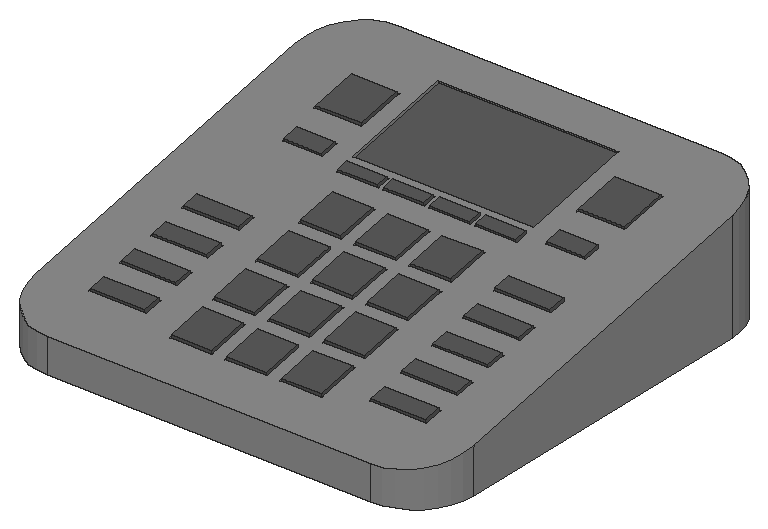
Revit family "Electronics_Controls_Biamp_Tesira_Hardware-Dialer_HD-1__", category Communication Devices, host Face, Revit 2020
Family settings
  Host = Face
  Maintain Annotation Orientation = No
  Round Connector Dimension = Use Diameter
  Part Type = Normal
  OmniClass Number = 23.85.10.11.14
  OmniClass Title = Audio Equipment
  Cut with Voids When Loaded = No
  Shared = No
  Room Calculation Point = No
Parameters (values of type "HD-1")
  Width = 0' - 5 179/256"  # constant formula
  Weight = 0.90 lbf  # constant formula
  Voltage = 0 V
  URL = "https://www.biamp.com/"
  Temperature Range = "32 - 104° F (0 - 40° C)"  # constant formula
  Product data url = "https://www.bimobject.com/biamp/product/tesira-hd-1_control"
  Product Page URL = "https://www.biamp.com/products/tesira-controls#tesira-hd-1"
  Product Documentation Link = "https://downloads.biamp.com/assets/docs/default-source/data-sheets/biamp_data_sheet_tesira_hd-1_aug22.pdf"
  Power Factor = 1
  Number of Poles = 1
  Network Connection = "RJ-45 with Ethernet cable (CAT5, CAT5e, CAT6, or CAT7)"  # constant formula
  Model = "Tesira HD-1"  # constant formula
  Max Power Consumption = 0 W
  Manufacturer = "Biamp"  # constant formula
  Humidity = "0-95% relative humidity (non-condensing)"  # constant formula
  Housing Material = Biamp - Plastic - Dark Gray
  Height = 0' - 1 73/128"  # constant formula
  Display Diagonal Size = "2.7 inch"  # constant formula
  Description = "Tesira® HD-1 Hardware Dialer"  # constant formula
  Depth = 0' - 5 179/256"  # constant formula
  Default Elevation = 4' - 0"
  Data/Control Cable Length = "Up to 330ft (100m)"  # constant formula
  Control Programming = "Tesira Design Software"  # constant formula
  Connector Description = "PoE (IEEE 802.3at Class 1, 4W)"  # constant formula
  Compliance = "FCC Part 15B (USA), CE Marked* (Europe), UL and C-UL (USA and Canada), RCM (Australia), EAC (Eurasian Customs Union), RoHS Directive (Europe), KCC (Korea)"  # constant formula
  Compatibility = "Tesira SERVER and SERVER-IO, with STC-2 or SVC-2 cards installed, TesiraFORTÉ VT (all models), TesiraFORTÉ VT4 (all models), TesiraFORTÉ X (all models)"  # constant formula
  Buttons = "12-key standard dial pad, 4 context (soft) buttons, 13 dedicated buttons"  # constant formula
  Assembly Code = ""
  Apparent Load = Max Power Consumption / Power Factor  # 0 VA
  Altitude = "0-10,000 ft (0-3000m) MSL"  # constant formula
Reference planes (in)
  plane 1 "Center (Front/Back)": y = 0
  plane 2: z = 0
  plane 3 "Center (Left/Right)": x = 0
  plane 4: x = 2.84961
  plane 5: x = -2.84961
  plane 6: y = 2.84961
  plane 7: y = -2.84961
  plane 8: z = 1.57031
Forms (in)
  Extrusion 1, solid, material "Biamp - Plastic - Dark Gray" <- "Housing Material", detail levels coarse
    sketch origin (0, 0, 0) x (1, 0, 0) y (0, 1, 0)
      loop
        arc (-2.09961, 2.84961) -> (-2.62994, 2.62994) -> (-2.84961, 2.09961) r 0.75
        line (-2.84961, 2.09961) -> (-2.84961, -2.09961)
        arc (-2.84961, -2.09961) -> (-2.62994, -2.62994) -> (-2.09961, -2.84961) r 0.75
        line (-2.09961, -2.84961) -> (2.09961, -2.84961)
        arc (2.09961, -2.84961) -> (2.62994, -2.62994) -> (2.84961, -2.09961) r 0.75
        line (2.84961, -2.09961) -> (2.84961, 2.09961)
        arc (2.84961, 2.09961) -> (2.62994, 2.62994) -> (2.09961, 2.84961) r 0.75
        line (2.09961, 2.84961) -> (-2.09961, 2.84961)
    from 0 to 1.57031
  Extrusion 2, solid, material "Biamp - Plastic - Dark Gray" <- "Housing Material", detail levels medium+fine
    sketch origin (0, 0, 0) x (1, 0, 0) y (0, 1, 0)
      loop
        arc (-2.09961, 2.84961) -> (-2.62994, 2.62994) -> (-2.84961, 2.09961) r 0.75
        line (-2.84961, 2.09961) -> (-2.84961, -2.09961)
        arc (-2.84961, -2.09961) -> (-2.62994, -2.62994) -> (-2.09961, -2.84961) r 0.75
        line (-2.09961, -2.84961) -> (2.09961, -2.84961)
        arc (2.09961, -2.84961) -> (2.62994, -2.62994) -> (2.84961, -2.09961) r 0.75
        line (2.84961, -2.09961) -> (2.84961, 2.09961)
        arc (2.84961, 2.09961) -> (2.62994, 2.62994) -> (2.09961, 2.84961) r 0.75
        line (2.09961, 2.84961) -> (-2.09961, 2.84961)
    from 0 to 1.57031
  Extrusion 3, void
    sketch origin (1.86, 1.67367, 1.33755) x (0, 0.980967, 0.194173) y (1, 0, 0)
      loop
        line (-1.30577, -2.3) -> (-1.85577, -2.3) -> (-1.85577, -2.85) -> (-1.30577, -2.85) -> (-1.30577, -2.3)
      loop
        line (-1.30577, -1.585) -> (-1.85577, -1.585) -> (-1.85577, -2.135) -> (-1.30577, -2.135) -> (-1.30577, -1.585)
      loop
        line (-1.30577, -0.87) -> (-1.85577, -0.87) -> (-1.85577, -1.42) -> (-1.30577, -1.42) -> (-1.30577, -0.87)
      loop
        line (-2.02077, -2.3) -> (-2.57077, -2.3) -> (-2.57077, -2.85) -> (-2.02077, -2.85) -> (-2.02077, -2.3)
      loop
        line (-2.02077, -1.585) -> (-2.57077, -1.585) -> (-2.57077, -2.135) -> (-2.02077, -2.135) -> (-2.02077, -1.585)
      loop
        line (-2.02077, -0.87) -> (-2.57077, -0.87) -> (-2.57077, -1.42) -> (-2.02077, -1.42) -> (-2.02077, -0.87)
      loop
        line (-2.73577, -2.3) -> (-3.28577, -2.3) -> (-3.28577, -2.85) -> (-2.73577, -2.85) -> (-2.73577, -2.3)
      loop
        line (-2.73577, -1.585) -> (-3.28577, -1.585) -> (-3.28577, -2.135) -> (-2.73577, -2.135) -> (-2.73577, -1.585)
      loop
        line (-2.73577, -0.87) -> (-3.28577, -0.87) -> (-3.28577, -1.42) -> (-2.73577, -1.42) -> (-2.73577, -0.87)
      loop
        line (-3.45077, -2.3) -> (-4.00077, -2.3) -> (-4.00077, -2.85) -> (-3.45077, -2.85) -> (-3.45077, -2.3)
      loop
        line (-3.45077, -1.585) -> (-4.00077, -1.585) -> (-4.00077, -2.135) -> (-3.45077, -2.135) -> (-3.45077, -1.585)
      loop
        line (-3.45077, -0.87) -> (-4.00077, -0.87) -> (-4.00077, -1.42) -> (-3.45077, -1.42) -> (-3.45077, -0.87)
      loop
        line (-2.25577, -4.06093) -> (-2.02077, -4.06093) -> (-2.02077, -3.31093) -> (-2.25577, -3.31093) -> (-2.25577, -4.06093)
      loop
        line (-2.77077, -4.06093) -> (-2.53577, -4.06093) -> (-2.53577, -3.31093) -> (-2.77077, -3.31093) -> (-2.77077, -4.06093)
      loop
        line (-3.28577, -4.06093) -> (-3.05077, -4.06093) -> (-3.05077, -3.31093) -> (-3.28577, -3.31093) -> (-3.28577, -4.06093)
      loop
        line (-3.80077, -4.06093) -> (-3.56577, -4.06093) -> (-3.56577, -3.31093) -> (-3.80077, -3.31093) -> (-3.80077, -4.06093)
      loop
        line (-2.25577, -0.40907) -> (-2.02077, -0.40907) -> (-2.02077, 0.34093) -> (-2.25577, 0.34093) -> (-2.25577, -0.40907)
      loop
        line (-2.77077, -0.40907) -> (-2.53577, -0.40907) -> (-2.53577, 0.34093) -> (-2.77077, 0.34093) -> (-2.77077, -0.40907)
      loop
        line (-3.28577, -0.40907) -> (-3.05077, -0.40907) -> (-3.05077, 0.34093) -> (-3.28577, 0.34093) -> (-3.28577, -0.40907)
      loop
        line (-3.80077, -0.40907) -> (-3.56577, -0.40907) -> (-3.56577, 0.34093) -> (-3.80077, 0.34093) -> (-3.80077, -0.40907)
      loop
        line (-1.74077, -0.40907) -> (-1.50577, -0.40907) -> (-1.50577, 0.34093) -> (-1.74077, 0.34093) -> (-1.74077, -0.40907)
      loop
        line (-0.87577, -0.40907) -> (-0.64577, -0.40907) -> (-0.64577, 0.11093) -> (-0.87577, 0.11093) -> (-0.87577, -0.40907)
      loop
        line (-0.87577, -3.83093) -> (-0.64577, -3.83093) -> (-0.64577, -3.31093) -> (-0.87577, -3.31093) -> (-0.87577, -3.83093)
      loop
        line (-0.83577, -3.0375) -> (-0.83577, -2.4875) -> (-1.00077, -2.4875) -> (-1.00077, -3.0375) -> (-0.83577, -3.0375)
      loop
        line (-0.83577, -2.4375) -> (-0.83577, -1.8875) -> (-1.00077, -1.8875) -> (-1.00077, -2.4375) -> (-0.83577, -2.4375)
      loop
        line (-0.83577, -1.8325) -> (-0.83577, -1.2825) -> (-1.00077, -1.2825) -> (-1.00077, -1.8325) -> (-0.83577, -1.8325)
      loop
        line (-0.83577, -1.2325) -> (-0.83577, -0.6825) -> (-1.00077, -0.6825) -> (-1.00077, -1.2325) -> (-0.83577, -1.2325)
      loop
        line (0.32923, -3.88343) -> (0.32923, -3.25843) -> (-0.29577, -3.25843) -> (-0.29577, -3.88343) -> (0.32923, -3.88343)
      loop
        line (0.32923, -0.46157) -> (0.32923, 0.16343) -> (-0.29577, 0.16343) -> (-0.29577, -0.46157) -> (0.32923, -0.46157)
      loop
        line (0.68924, -3.0375) -> (0.68924, -0.6825) -> (-0.73577, -0.6825) -> (-0.73577, -3.0375) -> (0.68924, -3.0375)
    from 0 to 0.03735
  Extrusion 4, solid, material "Biamp - Plastic - Black", detail levels medium+fine
    sketch origin (-1.59758, -3.14802, 0.38314) x (0, 0.980967, 0.194173) y (-1, 0, 0)
      loop
        line (3.59756, -0.62133) -> (3.07506, -0.62133) -> (3.07506, -1.14383) -> (3.59756, -1.14383) -> (3.59756, -0.62133)
      loop
        line (3.59756, -1.33633) -> (3.07506, -1.33633) -> (3.07506, -1.85883) -> (3.59756, -1.85883) -> (3.59756, -1.33633)
      loop
        line (3.59756, -2.05133) -> (3.07506, -2.05133) -> (3.07506, -2.57383) -> (3.59756, -2.57383) -> (3.59756, -2.05133)
      loop
        line (2.88256, -0.62133) -> (2.36006, -0.62133) -> (2.36006, -1.14383) -> (2.88256, -1.14383) -> (2.88256, -0.62133)
      loop
        line (2.88256, -1.33633) -> (2.36006, -1.33633) -> (2.36006, -1.85883) -> (2.88256, -1.85883) -> (2.88256, -1.33633)
      loop
        line (2.88256, -2.05133) -> (2.36006, -2.05133) -> (2.36006, -2.57383) -> (2.88256, -2.57383) -> (2.88256, -2.05133)
      loop
        line (2.16756, -0.62133) -> (1.64506, -0.62133) -> (1.64506, -1.14383) -> (2.16756, -1.14383) -> (2.16756, -0.62133)
      loop
        line (2.16756, -1.33633) -> (1.64506, -1.33633) -> (1.64506, -1.85883) -> (2.16756, -1.85883) -> (2.16756, -1.33633)
      loop
        line (2.16756, -2.05133) -> (1.64506, -2.05133) -> (1.64506, -2.57383) -> (2.16756, -2.57383) -> (2.16756, -2.05133)
      loop
        line (1.45256, -0.62133) -> (0.93006, -0.62133) -> (0.93006, -1.14383) -> (1.45256, -1.14383) -> (1.45256, -0.62133)
      loop
        line (1.45256, -1.33633) -> (0.93006, -1.33633) -> (0.93006, -1.85883) -> (1.45256, -1.85883) -> (1.45256, -1.33633)
      loop
        line (1.45256, -2.05133) -> (0.93006, -2.05133) -> (0.93006, -2.57383) -> (1.45256, -2.57383) -> (1.45256, -2.05133)
      loop
        line (2.37544, 0.5846) -> (2.15219, 0.5846) -> (2.15219, -0.1279) -> (2.37544, -0.1279) -> (2.37544, 0.5846)
      loop
        line (1.86044, 0.5846) -> (1.63719, 0.5846) -> (1.63719, -0.1279) -> (1.86044, -0.1279) -> (1.86044, 0.5846)
      loop
        line (1.34544, 0.5846) -> (1.12219, 0.5846) -> (1.12219, -0.1279) -> (1.34544, -0.1279) -> (1.34544, 0.5846)
      loop
        line (2.89044, 0.5846) -> (2.66719, 0.5846) -> (2.66719, -0.1279) -> (2.89044, -0.1279) -> (2.89044, 0.5846)
      loop
        line (2.37544, -3.06726) -> (2.15219, -3.06726) -> (2.15219, -3.77976) -> (2.37544, -3.77976) -> (2.37544, -3.06726)
      loop
        line (1.86044, -3.06726) -> (1.63719, -3.06726) -> (1.63719, -3.77976) -> (1.86044, -3.77976) -> (1.86044, -3.06726)
      loop
        line (1.34544, -3.06726) -> (1.12219, -3.06726) -> (1.12219, -3.77976) -> (1.34544, -3.77976) -> (1.34544, -3.06726)
      loop
        line (2.89044, -3.06726) -> (2.66719, -3.06726) -> (2.66719, -3.77976) -> (2.89044, -3.77976) -> (2.89044, -3.06726)
      loop
        line (3.40544, -3.06726) -> (3.18219, -3.06726) -> (3.18219, -3.77976) -> (3.40544, -3.77976) -> (3.40544, -3.06726)
      loop
        line (4.26556, -3.06151) -> (4.04706, -3.06151) -> (4.04706, -3.55551) -> (4.26556, -3.55551) -> (4.26556, -3.06151)
      loop
        line (4.26556, 0.36035) -> (4.04706, 0.36035) -> (4.04706, -0.13365) -> (4.26556, -0.13365) -> (4.26556, 0.36035)
      loop
        line (3.92044, -0.43383) -> (3.92044, -0.95633) -> (4.07719, -0.95633) -> (4.07719, -0.43383) -> (3.92044, -0.43383)
      loop
        line (3.92044, -1.03383) -> (3.92044, -1.55633) -> (4.07719, -1.55633) -> (4.07719, -1.03383) -> (3.92044, -1.03383)
      loop
        line (3.92044, -1.63883) -> (3.92044, -2.16133) -> (4.07719, -2.16133) -> (4.07719, -1.63883) -> (3.92044, -1.63883)
      loop
        line (3.92044, -2.23883) -> (3.92044, -2.76133) -> (4.07719, -2.76133) -> (4.07719, -2.23883) -> (3.92044, -2.23883)
      loop
        line (5.23205, 0.41112) -> (4.6383, 0.41112) -> (4.6383, -0.18263) -> (5.23205, -0.18263) -> (5.23205, 0.41112)
      loop
        line (5.23205, -3.01253) -> (4.6383, -3.01253) -> (4.6383, -3.60628) -> (5.23205, -3.60628) -> (5.23205, -3.01253)
    from -0.03735 to 0.02926
  Extrusion 5, void
    sketch origin (0, 0, 0) x (1, 0, 0) y (0, 1, 0)
      loop
        line (0.20789, 2.17461) -> (0.20789, 2.84961) -> (-0.21711, 2.84961) -> (-0.21711, 2.17461)
        arc (-0.21711, 2.17461) -> (-0.2464, 2.1039) -> (-0.31711, 2.07461) r 0.1
        line (-0.31711, 2.07461) -> (-2.02961, 2.07461)
        arc (-2.02961, 2.07461) -> (-2.06496, 2.05996) -> (-2.07961, 2.02461) r 0.05
        line (-2.07961, 2.02461) -> (-2.07961, -2.02539)
        arc (-2.07961, -2.02539) -> (-2.06496, -2.06075) -> (-2.02961, -2.07539) r 0.05
        line (-2.02961, -2.07539) -> (2.02039, -2.07539)
        arc (2.02039, -2.07539) -> (2.05575, -2.06075) -> (2.07039, -2.02539) r 0.05
        line (2.07039, -2.02539) -> (2.07039, 2.02461)
        arc (2.07039, 2.02461) -> (2.05575, 2.05996) -> (2.02039, 2.07461) r 0.05
        line (2.02039, 2.07461) -> (0.30789, 2.07461)
        arc (0.30789, 2.07461) -> (0.23718, 2.1039) -> (0.20789, 2.17461) r 0.1
    from 0 to 0.04243
  Extrusion 6, void
    sketch origin (0, 0, 0) x (1, 0, 0) y (0, 1, 0)
      loop
        line (0.62039, 0.12461) -> (0.62039, 2.07461) -> (-0.62961, 2.07461) -> (-0.62961, 0.12461)
        arc (-0.62961, 0.12461) -> (-0.61496, 0.08925) -> (-0.57961, 0.07461) r 0.05
        line (-0.57961, 0.07461) -> (-0.31711, 0.07461) -> (-0.31711, 0.12461) -> (0.30789, 0.12461) -> (0.30789, 0.07461) -> (0.57039, 0.07461)
        arc (0.57039, 0.07461) -> (0.60575, 0.08925) -> (0.62039, 0.12461) r 0.05
    from 0 to 0.1242
  Extrusion 7, solid, material "Biamp - Plastic - Dark Gray" <- "Housing Material", detail levels medium+fine
    sketch origin (0, 0, 0) x (1, 0, 0) y (0, 1, 0)
      loop
        line (1.05789, -0.67539) -> (1.05789, 2.07461) -> (0.62039, 2.07461) -> (0.62039, 0.12461)
        arc (0.62039, 0.12461) -> (0.60575, 0.08925) -> (0.57039, 0.07461) r 0.05
        line (0.57039, 0.07461) -> (-0.57961, 0.07461)
        arc (-0.57961, 0.07461) -> (-0.61496, 0.08925) -> (-0.62961, 0.12461) r 0.05
        line (-0.62961, 0.12461) -> (-0.62961, 2.07461) -> (-1.06711, 2.07461) -> (-1.06711, -0.67539)
        arc (-1.06711, -0.67539) -> (-1.05246, -0.71075) -> (-1.01711, -0.72539) r 0.05
        line (-1.01711, -0.72539) -> (1.00789, -0.72539)
        arc (1.00789, -0.72539) -> (1.04325, -0.71075) -> (1.05789, -0.67539) r 0.05
    from 0 to 0.04243
  Extrusion 8, void
    sketch origin (0, 0, 0) x (0, 1, 0) y (0, 0, 1)
      loop
        line (2.84961, 1.57031) -> (-2.84961, 1.57031) -> (-2.84961, 0.44221) -> (2.84961, 1.57031)
    from -2.84961 to 2.84961
  Extrusion 9, solid, material "Biamp - Glass - Black", detail levels medium+fine
    sketch origin (1.86, 1.68093, 1.30091) x (0, -0.980967, -0.194173) y (1, 0, 0)
      loop
        line (-0.68924, -3.0375) -> (0.73577, -3.0375) -> (0.73577, -0.6825) -> (-0.68924, -0.6825) -> (-0.68924, -3.0375)
    from 0 to 0.01753
Cuts and joins
  Extrusion 3, Extrusion 5, Extrusion 6, Extrusion 8 cuts Extrusion 2
  Extrusion 8 cuts Extrusion 1
Lines and regions (in)
  Masking region 1
    outline origin (0, 0, 0) x (1, 0, 0) y (0, 1, 0)
      loop
        line (2.09961, 2.84961) -> (-2.09961, 2.84961)
        arc (-2.09961, 2.84961) -> (-2.62994, 2.62994) -> (-2.84961, 2.09961) r 0.75
        line (-2.84961, 2.09961) -> (-2.84961, -2.09961)
        arc (-2.84961, -2.09961) -> (-2.62994, -2.62994) -> (-2.09961, -2.84961) r 0.75
        line (-2.09961, -2.84961) -> (2.09961, -2.84961)
        arc (2.09961, -2.84961) -> (2.62994, -2.62994) -> (2.84961, -2.09961) r 0.75
        line (2.84961, -2.09961) -> (2.84961, 2.09961)
        arc (2.84961, 2.09961) -> (2.62994, 2.62994) -> (2.09961, 2.84961) r 0.75
  symbolic lines, style "CommunicationDevices"
    curve 1: line (2.84961, -2.09961, 0) -> (2.84961, 2.09961, 0)
    curve 2: line (-2.84961, 2.09961, 0) -> (-2.84961, -2.09961, 0)
    curve 129: line (-2.84961, -2.09961, 0) -> (-2.84961, 2.09961, 0)
  symbolic lines, style "CommunicationDevices", detail levels medium+fine
    curve 3: line (-1.1775, 2.35705, 0) -> (1.1775, 2.35705, 0)
    curve 4: line (1.1775, 0.95576, 0) -> (1.1775, 2.35705, 0)
    curve 5: line (-1.1775, 2.35705, 0) -> (-1.1775, 0.95576, 0)
    curve 6: line (-1.1775, 0.95576, 0) -> (1.1775, 0.95576, 0)
    curve 7: line (-2.0087, 1.9917, 0) -> (-1.41495, 1.9917, 0)
    curve 8: line (-1.41495, 1.39632, 0) -> (-1.41495, 1.9917, 0)
    curve 9: line (-2.0087, 1.9917, 0) -> (-2.0087, 1.39632, 0)
    curve 10: line (-2.0087, 1.39632, 0) -> (-1.41495, 1.39632, 0)
    curve 11: line (1.41495, 1.9917, 0) -> (1.41495, 1.39632, 0)
    curve 12: line (2.0087, 1.39632, 0) -> (2.0087, 1.9917, 0)
    curve 13: line (2.0087, 1.97877, 0) -> (1.41495, 1.97877, 0)
    curve 14: line (1.41495, 1.39632, 0) -> (2.0087, 1.39632, 0)
    curve 15: line (1.41495, 1.9917, 0) -> (2.0087, 1.9917, 0)
    curve 16: line (-1.41495, 1.97877, 0) -> (-2.0087, 1.97877, 0)
    curve 17: line (-1.46393, 1.03067, 0) -> (-1.95793, 1.03067, 0)
    curve 18: line (-1.95793, 1.03067, 0) -> (-1.95793, 0.81633, 0)
    curve 19: line (-1.95793, 0.81633, 0) -> (-1.46393, 0.81633, 0)
    curve 20: line (-1.46393, 0.81633, 0) -> (-1.46393, 1.03067, 0)
    curve 21: line (-0.64125, 0.84588, 0) -> (-1.16375, 0.84588, 0)
    curve 22: line (-1.16375, 0.84588, 0) -> (-1.16375, 0.69212, 0)
    curve 23: line (-0.64125, 0.69212, 0) -> (-0.64125, 0.84588, 0)
    curve 24: line (-1.16375, 0.69212, 0) -> (-0.64125, 0.69212, 0)
    curve 25: line (-0.56375, 0.84588, 0) -> (-0.56375, 0.69212, 0)
    curve 26: line (-0.04125, 0.84588, 0) -> (-0.56375, 0.84588, 0)
    curve 27: line (-0.04125, 0.69212, 0) -> (-0.04125, 0.84588, 0)
    curve 28: line (-0.56375, 0.69212, 0) -> (-0.04125, 0.69212, 0)
    curve 29: line (0.45375, 0.38832, 0) -> (0.97625, 0.38832, 0)
    curve 30: line (0.97625, -0.13717, 0) -> (0.97625, 0.38832, 0)
    curve 31: line (0.97625, 0.37539, 0) -> (0.45375, 0.37539, 0)
    curve 32: line (0.45375, 0.38832, 0) -> (0.45375, -0.13717, 0)
    curve 33: line (0.45375, -0.13717, 0) -> (0.97625, -0.13717, 0)
    curve 34: line (0.45375, -0.31307, 0) -> (0.97625, -0.31307, 0)
    curve 35: line (0.97625, -0.326, 0) -> (0.45375, -0.326, 0)
    curve 36: line (0.45375, -0.31307, 0) -> (0.45375, -0.83856, 0)
    curve 37: line (0.97625, -0.83856, 0) -> (0.97625, -0.31307, 0)
    curve 38: line (0.45375, -0.83856, 0) -> (0.97625, -0.83856, 0)
    curve 39: line (0.45375, -1.71585, 0) -> (0.97625, -1.71585, 0)
    curve 40: line (0.45375, -1.71585, 0) -> (0.45375, -2.24134, 0)
    curve 41: line (0.97625, -2.24134, 0) -> (0.97625, -1.71585, 0)
    curve 42: line (0.97625, -1.72879, 0) -> (0.45375, -1.72879, 0)
    curve 43: line (0.45375, -2.24134, 0) -> (0.97625, -2.24134, 0)
    curve 44: line (0.26125, -2.24134, 0) -> (0.26125, -1.71585, 0)
    curve 45: line (-0.26125, -1.71585, 0) -> (-0.26125, -2.24134, 0)
    curve 46: line (-0.26125, -1.71585, 0) -> (0.26125, -1.71585, 0)
    curve 47: line (0.26125, -1.72879, 0) -> (-0.26125, -1.72879, 0)
    curve 48: line (-0.26125, -2.24134, 0) -> (0.26125, -2.24134, 0)
    curve 49: line (-0.45375, -2.24134, 0) -> (-0.45375, -1.71585, 0)
    curve 50: line (-0.97625, -1.71585, 0) -> (-0.97625, -2.24134, 0)
    curve 51: line (-0.97625, -1.71585, 0) -> (-0.45375, -1.71585, 0)
    curve 52: line (-0.45375, -1.72879, 0) -> (-0.97625, -1.72879, 0)
    curve 53: line (-0.97625, -2.24134, 0) -> (-0.45375, -2.24134, 0)
    curve 54: line (-0.97625, -1.01446, 0) -> (-0.45375, -1.01446, 0)
    curve 55: line (-0.45375, -1.0274, 0) -> (-0.97625, -1.0274, 0)
    curve 56: line (-0.45375, -1.53995, 0) -> (-0.45375, -1.01446, 0)
    curve 57: line (-0.97625, -1.01446, 0) -> (-0.97625, -1.53995, 0)
    curve 58: line (-0.97625, -1.53995, 0) -> (-0.45375, -1.53995, 0)
    curve 59: line (-0.26125, -1.01446, 0) -> (-0.26125, -1.53995, 0)
    curve 60: line (0.26125, -1.53995, 0) -> (0.26125, -1.01446, 0)
    curve 61: line (-0.26125, -1.01446, 0) -> (0.26125, -1.01446, 0)
    curve 62: line (0.26125, -1.0274, 0) -> (-0.26125, -1.0274, 0)
    curve 63: line (-0.26125, -1.53995, 0) -> (0.26125, -1.53995, 0)
    curve 64: line (0.97625, -1.53995, 0) -> (0.97625, -1.01446, 0)
    curve 65: line (0.45375, -1.01446, 0) -> (0.45375, -1.53995, 0)
    curve 66: line (0.45375, -1.01446, 0) -> (0.97625, -1.01446, 0)
    curve 67: line (0.97625, -1.0274, 0) -> (0.45375, -1.0274, 0)
    curve 68: line (0.45375, -1.53995, 0) -> (0.97625, -1.53995, 0)
    curve 69: line (-0.26125, -0.83856, 0) -> (0.26125, -0.83856, 0)
    curve 70: line (0.26125, -0.83856, 0) -> (0.26125, -0.31307, 0)
    curve 71: line (-0.26125, -0.31307, 0) -> (-0.26125, -0.83856, 0)
    curve 72: line (0.26125, -0.326, 0) -> (-0.26125, -0.326, 0)
    curve 73: line (-0.26125, -0.31307, 0) -> (0.26125, -0.31307, 0)
    curve 74: line (-0.97625, -0.31307, 0) -> (-0.45375, -0.31307, 0)
    curve 75: line (-0.45375, -0.326, 0) -> (-0.97625, -0.326, 0)
    curve 76: line (-0.45375, -0.83856, 0) -> (-0.45375, -0.31307, 0)
    curve 77: line (-0.97625, -0.31307, 0) -> (-0.97625, -0.83856, 0)
    curve 78: line (-0.97625, -0.83856, 0) -> (-0.45375, -0.83856, 0)
    curve 79: line (-0.45375, -0.13717, 0) -> (-0.45375, 0.38832, 0)
    curve 80: line (-0.97625, -0.13717, 0) -> (-0.45375, -0.13717, 0)
    curve 81: line (-0.97625, 0.38832, 0) -> (-0.97625, -0.13717, 0)
    curve 82: line (-0.45375, 0.37539, 0) -> (-0.97625, 0.37539, 0)
    curve 83: line (-0.97625, 0.38832, 0) -> (-0.45375, 0.38832, 0)
    curve 84: line (-0.26125, 0.38832, 0) -> (-0.26125, -0.13717, 0)
    curve 85: line (0.26125, -0.13717, 0) -> (0.26125, 0.38832, 0)
    curve 86: line (0.26125, 0.37539, 0) -> (-0.26125, 0.37539, 0)
    curve 87: line (-0.26125, 0.38832, 0) -> (0.26125, 0.38832, 0)
    curve 88: line (-0.26125, -0.13717, 0) -> (0.26125, -0.13717, 0)
    curve 89: line (1.95793, 1.03067, 0) -> (1.46393, 1.03067, 0)
    curve 90: line (1.46393, 1.03067, 0) -> (1.46393, 0.81633, 0)
    curve 91: line (1.95793, 0.81633, 0) -> (1.95793, 1.03067, 0)
    curve 92: line (1.46393, 0.81633, 0) -> (1.95793, 0.81633, 0)
    curve 93: line (-2.18218, -0.53728, 0) -> (-1.46968, -0.53728, 0)
    curve 94: line (-1.46968, -0.53728, 0) -> (-1.46968, -0.31828, 0)
    curve 95: line (-1.46968, -0.31828, 0) -> (-2.18218, -0.31828, 0)
    curve 96: line (-2.18218, -0.31828, 0) -> (-2.18218, -0.53728, 0)
    curve 97: line (-1.46968, -0.82348, 0) -> (-2.18218, -0.82348, 0)
    curve 98: line (-2.18218, -0.82348, 0) -> (-2.18218, -1.04248, 0)
    curve 99: line (-1.46968, -1.04248, 0) -> (-1.46968, -0.82348, 0)
    curve 100: line (-2.18218, -1.04248, 0) -> (-1.46968, -1.04248, 0)
    curve 101: line (-1.46968, -1.54768, 0) -> (-1.46968, -1.32868, 0)
    curve 102: line (-1.46968, -1.32868, 0) -> (-2.18218, -1.32868, 0)
    curve 103: line (-2.18218, -1.32868, 0) -> (-2.18218, -1.54768, 0)
    curve 104: line (-2.18218, -1.54768, 0) -> (-1.46968, -1.54768, 0)
    curve 105: line (-1.46968, -2.05287, 0) -> (-1.46968, -1.83387, 0)
    curve 106: line (-1.46968, -1.83387, 0) -> (-2.18218, -1.83387, 0)
    curve 107: line (-2.18218, -1.83387, 0) -> (-2.18218, -2.05287, 0)
    curve 108: line (-2.18218, -2.05287, 0) -> (-1.46968, -2.05287, 0)
    curve 109: line (2.18218, 0.18692, 0) -> (1.46968, 0.18692, 0)
    curve 110: line (1.46968, 0.18692, 0) -> (1.46968, -0.03208, 0)
    curve 111: line (2.18218, -0.03208, 0) -> (2.18218, 0.18692, 0)
    curve 112: line (1.46968, -0.03208, 0) -> (2.18218, -0.03208, 0)
    curve 113: line (2.18218, -0.53728, 0) -> (2.18218, -0.31828, 0)
    curve 114: line (1.46968, -0.53728, 0) -> (2.18218, -0.53728, 0)
    curve 115: line (1.46968, -0.31828, 0) -> (1.46968, -0.53728, 0)
    curve 116: line (2.18218, -0.31828, 0) -> (1.46968, -0.31828, 0)
    curve 117: line (2.18218, -0.82348, 0) -> (1.46968, -0.82348, 0)
    curve 118: line (2.18218, -1.04248, 0) -> (2.18218, -0.82348, 0)
    curve 119: line (1.46968, -0.82348, 0) -> (1.46968, -1.04248, 0)
    curve 120: line (1.46968, -1.04248, 0) -> (2.18218, -1.04248, 0)
    curve 121: line (2.18218, -1.32868, 0) -> (1.46968, -1.32868, 0)
    curve 122: line (2.18218, -1.54768, 0) -> (2.18218, -1.32868, 0)
    curve 123: line (1.46968, -1.32868, 0) -> (1.46968, -1.54768, 0)
    curve 124: line (1.46968, -1.54768, 0) -> (2.18218, -1.54768, 0)
    curve 125: line (2.18218, -1.83387, 0) -> (1.46968, -1.83387, 0)
    curve 126: line (2.18218, -2.05287, 0) -> (2.18218, -1.83387, 0)
    curve 127: line (1.46968, -1.83387, 0) -> (1.46968, -2.05287, 0)
    curve 128: line (1.46968, -2.05287, 0) -> (2.18218, -2.05287, 0)
    curve 130: line (0.64125, 0.84588, 0) -> (1.16375, 0.84588, 0)
    curve 131: line (1.16375, 0.84588, 0) -> (1.16375, 0.69212, 0)
    curve 132: line (0.64125, 0.69212, 0) -> (0.64125, 0.84588, 0)
    curve 133: line (1.16375, 0.69212, 0) -> (0.64125, 0.69212, 0)
    curve 134: line (0.56375, 0.84588, 0) -> (0.56375, 0.69212, 0)
    curve 135: line (0.04125, 0.84588, 0) -> (0.56375, 0.84588, 0)
    curve 136: line (0.04125, 0.69212, 0) -> (0.04125, 0.84588, 0)
    curve 137: line (0.56375, 0.69212, 0) -> (0.04125, 0.69212, 0)
Dimensions and locks (in)
  equal spacing: plane 6, plane 1 "Center (Front/Back)", plane 7
  "Depth": plane 6 to plane 7
  equal spacing: plane 5, plane 3 "Center (Left/Right)", plane 4
  "Width": plane 5 to plane 4
  "Height": plane 8 to plane 2
  aligned and locked: plane 2 to host face
  aligned and locked: level to host face
  aligned and locked: plane 8 to Extrusion 1
Automatic sketch dimensions
  host sketch curve to host sketch curve = 8' - 0"  (x2)
  Extrusion 1 sketch curve to plane 5 = 0' - 0"
  Extrusion 1 sketch curve to plane 7 = 0' - 0"
  Extrusion 1 sketch curve to plane 6 = 0' - 0"
  Extrusion 1 sketch curve to plane 4 = 0' - 0"
  plane 5 to Extrusion 1 sketch curve = 0' - 0 3/4"
  Extrusion 1 sketch curve to Extrusion 1 sketch curve = 0' - 0 3/4"  (x2)
  Extrusion 1 sketch curve to plane 4 = 0' - 0 3/4"
  Extrusion 2 sketch curve to plane 5 = 0' - 0"
  Extrusion 2 sketch curve to plane 7 = 0' - 0"
  Extrusion 2 sketch curve to plane 6 = 0' - 0"
  Extrusion 2 sketch curve to plane 4 = 0' - 0"
  plane 5 to Extrusion 2 sketch curve = 0' - 0 3/4"
  Extrusion 2 sketch curve to Extrusion 2 sketch curve = 0' - 0 3/4"
  Extrusion 2 sketch curve to plane 4 = 0' - 0 3/4"  (x2)
  Extrusion 5 sketch curve to plane 6 = 0' - 0"
  plane 5 to Extrusion 5 sketch curve = 0' - 0.77"
  Extrusion 5 sketch curve to Extrusion 5 sketch curve = 0' - 0.05"  (x3)
  Extrusion 5 sketch curve to plane 3 "Center (Left/Right)" = 0' - 0.31711"
  Extrusion 5 sketch curve to Extrusion 5 sketch curve = 0' - 0.1"  (x2)
  plane 3 "Center (Left/Right)" to Extrusion 5 sketch curve = 0' - 0.20789"
  Extrusion 5 sketch curve to plane 4 = 0' - 0.82922"  (x2)
  Extrusion 5 sketch curve to plane 6 = 0' - 0.675"
  Extrusion 5 sketch curve to Extrusion 5 sketch curve = 0' - 0"
  plane 7 to Extrusion 5 sketch curve = 0' - 0 211/256"
  Extrusion 6 sketch curve to plane 3 "Center (Left/Right)" = 0' - 0.62961"
  Extrusion 6 sketch curve to Extrusion 6 sketch curve = 0' - 0.05"
  Extrusion 6 sketch curve to plane 1 "Center (Front/Back)" = 0' - 0.07461"  (x2)
  Extrusion 6 sketch curve to Extrusion 6 sketch curve = 0' - 0.2625"  (x2)
  Extrusion 6 sketch curve to plane 1 "Center (Front/Back)" = 0' - 0.12461"
  plane 3 "Center (Left/Right)" to Extrusion 6 sketch curve = 0' - 0.30789"
  plane 3 "Center (Left/Right)" to Extrusion 6 sketch curve = 0' - 0.62039"
  Extrusion 6 sketch curve to plane 6 = 0' - 0.775"
  Extrusion 7 sketch curve to plane 3 "Center (Left/Right)" = 0' - 1.06711"
  Extrusion 7 sketch curve to Extrusion 7 sketch curve = 0' - 0.05"  (x2)
  Extrusion 7 sketch curve to Extrusion 7 sketch curve = 0' - 0 7/16"  (x3)
  Extrusion 7 sketch curve to plane 1 "Center (Front/Back)" = 0' - 0.07461"
  plane 3 "Center (Left/Right)" to Extrusion 7 sketch curve = 0' - 0.57039"
  plane 3 "Center (Left/Right)" to Extrusion 7 sketch curve = 0' - 0.62039"
  plane 1 "Center (Front/Back)" to Extrusion 7 sketch curve = 0' - 0.67539"
  Extrusion 7 sketch curve to plane 6 = 0' - 0.775"  (x2)
  Extrusion 8 to Extrusion 3 sketch curve = 0' - 0.61028"  (x3)
  Extrusion 8 to Extrusion 3 sketch curve = 0' - 0.81028"
  Extrusion 3 sketch curve to Extrusion 3 sketch curve = 0' - 0.2"
  Extrusion 3 sketch curve to Extrusion 3 sketch curve = 0' - 0.235"  (x11)
  Extrusion 3 sketch curve to Extrusion 3 sketch curve = 0' - 0.115"  (x2)
  Extrusion 3 sketch curve to Extrusion 3 sketch curve = 0' - 0"  (x27)
  Extrusion 3 sketch curve to Extrusion 3 sketch curve = 0' - 0.28"  (x7)
  Extrusion 3 sketch curve to Extrusion 3 sketch curve = 0' - 0.165"  (x14)
  Extrusion 3 sketch curve to Extrusion 3 sketch curve = 0' - 0.035"  (x2)
  Extrusion 3 sketch curve to Extrusion 3 sketch curve = 0' - 0.55"  (x11)
  Extrusion 3 sketch curve to Extrusion 3 sketch curve = 0' - 0.305"  (x4)
  Extrusion 3 sketch curve to Extrusion 3 sketch curve = 0' - 0 1/8"  (x2)
  Extrusion 3 sketch curve to Extrusion 3 sketch curve = 0' - 0.1"
  Extrusion 3 sketch curve to Extrusion 3 sketch curve = 0' - 0.23"  (x2)
  Extrusion 3 sketch curve to Extrusion 3 sketch curve = 0' - 0.35"  (x2)
  Extrusion 3 sketch curve to Extrusion 3 sketch curve = 0' - 0 5/8"  (x4)
  Extrusion 3 sketch curve to Extrusion 3 sketch curve = 0' - 0.36001"
  Extrusion 3 sketch curve to Extrusion 8 = 0' - 0.64868"  (x4)
  Extrusion 3 sketch curve to Extrusion 8 = 0' - 0.82618"
  Extrusion 3 sketch curve to Extrusion 3 sketch curve = 0' - 0.0525"
  Extrusion 3 sketch curve to Extrusion 3 sketch curve = 0' - 0 3/4"
  Extrusion 3 sketch curve to Extrusion 3 sketch curve = 0' - 0.52"  (x2)
  Extrusion 3 sketch curve to Extrusion 3 sketch curve = 0' - 0 35/128"  (x2)
  Extrusion 3 sketch curve to Extrusion 3 sketch curve = 0' - 0 3/16"
  Extrusion 3 sketch curve to Extrusion 3 sketch curve = 0' - 0 59/128"  (x5)
  Extrusion 3 sketch curve to Extrusion 3 sketch curve = 0' - 0.05"  (x2)
  Extrusion 3 sketch curve to Extrusion 3 sketch curve = 0' - 0.1375"  (x2)
  Extrusion 3 sketch curve to Extrusion 3 sketch curve = 0' - 0.2475"  (x2)
  Extrusion 3 sketch curve to Extrusion 3 sketch curve = 0' - 0.055"
  Extrusion 3 sketch curve to Extrusion 3 sketch curve = 0' - 0.22093"
  Extrusion 4 sketch curve to Extrusion 8 = 0' - 0.62586"
  Extrusion 4 sketch curve to Extrusion 4 sketch curve = 0' - 0"  (x27)
  Extrusion 4 sketch curve to Extrusion 8 = 0' - 0.81798"
  Extrusion 4 sketch curve to Extrusion 4 sketch curve = 0' - 0.19213"
  Extrusion 4 sketch curve to Extrusion 4 sketch curve = 0' - 0.22325"  (x9)
  Extrusion 4 sketch curve to Extrusion 4 sketch curve = 0' - 0.5225"  (x12)
  Extrusion 4 sketch curve to Extrusion 4 sketch curve = 0' - 0.29175"  (x7)
  Extrusion 4 sketch curve to Extrusion 4 sketch curve = 0' - 0.1925"  (x16)
  Extrusion 4 sketch curve to Extrusion 4 sketch curve = 0' - 0.01537"
  Extrusion 4 sketch curve to Extrusion 4 sketch curve = 0' - 0.32288"  (x2)
  Extrusion 4 sketch curve to Extrusion 4 sketch curve = 0' - 0.12662"
  Extrusion 4 sketch curve to Extrusion 4 sketch curve = 0' - 0.64163"
  Extrusion 4 sketch curve to Extrusion 4 sketch curve = 0' - 0.15675"  (x2)
  Extrusion 4 sketch curve to Extrusion 4 sketch curve = 0' - 0.2185"  (x2)
  Extrusion 4 sketch curve to Extrusion 4 sketch curve = 0' - 0.37274"  (x2)
  Extrusion 4 sketch curve to Extrusion 4 sketch curve = 0' - 0 19/32"  (x3)
  Extrusion 8 to Extrusion 4 sketch curve = 0' - 0.66743"  (x4)
  Extrusion 8 to Extrusion 4 sketch curve = 0' - 0.84091"
  Extrusion 4 sketch curve to Extrusion 4 sketch curve = 0' - 0 13/256"  (x2)
  Extrusion 4 sketch curve to Extrusion 4 sketch curve = 0' - 0.7125"  (x2)
  Extrusion 4 sketch curve to Extrusion 4 sketch curve = 0' - 0.494"  (x2)
  Extrusion 4 sketch curve to Extrusion 4 sketch curve = 0' - 0.30018"  (x2)
  Extrusion 4 sketch curve to Extrusion 4 sketch curve = 0' - 0 3/16"  (x2)
  Extrusion 4 sketch curve to Extrusion 4 sketch curve = 0' - 0.49343"  (x5)
  Extrusion 4 sketch curve to Extrusion 4 sketch curve = 0' - 0.335"  (x2)
  Extrusion 4 sketch curve to Extrusion 4 sketch curve = 0' - 0.0775"  (x2)
  Extrusion 4 sketch curve to Extrusion 4 sketch curve = 0' - 0.0825"
  Extrusion 4 sketch curve to Extrusion 4 sketch curve = 0' - 0.22"
  Extrusion 4 sketch curve to Extrusion 4 sketch curve = 0' - 0.11"
  Extrusion 4 sketch curve to Extrusion 4 sketch curve = 0' - 0.2512"
  Extrusion 8 sketch curve to plane 7 = 0' - 0"
  Extrusion 8 sketch curve to plane 6 = 0' - 0"
  Extrusion 8 sketch curve to plane 8 = 0' - 0"
  level to Extrusion 8 sketch curve = 0' - 0.44221"
  Extrusion 9 sketch curve to Extrusion 3 = 0' - 0"  (x3)
  Extrusion 3 to Extrusion 9 sketch curve = 0' - 0"
  plane 5 to curve 97 = 0' - 0.66743"
  curve 96 to curve 97 = 0' - 0"
  plane 5 to curve 108 = 0' - 0.66743"
  curve 102 to curve 98 = 0' - 0"
  curve 98 to curve 99 = 0' - 0.7125"
  curve 104 to curve 105 = 0' - 0"
  curve 93 to curve 97 = 0' - 0"
  curve 18 to curve 19 = 0' - 0.494"
  curve 7 to curve 8 = 0' - 0 19/32"
  curve 17 to curve 5 = 0' - 0.28643"
  curve 5 to curve 21 = 0' - 0.01375"
  curve 21 to curve 21 = 0' - 0.5225"
  curve 21 to curve 25 = 0' - 0.0775"
  curve 53 to plane 3 "Center (Left/Right)" = 0' - 0.45375"
  curve 54 to plane 3 "Center (Left/Right)" = 0' - 0.45375"
  curve 25 to curve 83 = 0' - 0.11"
  curve 78 to curve 54 = 0' - 0"
  curve 27 to plane 3 "Center (Left/Right)" = 0' - 0.04125"
  plane 3 "Center (Left/Right)" to curve 136 = 0' - 0.04125"
  plane 3 "Center (Left/Right)" to curve 48 = 0' - 0.26125"
  curve 60 to curve 44 = 0' - 0"
  curve 69 to curve 60 = 0' - 0"
  curve 85 to curve 70 = 0' - 0"
  curve 29 to curve 137 = 0' - 0.11"
  curve 134 to curve 130 = 0' - 0.0775"
  curve 40 to curve 43 = 0' - 0.5225"
  curve 132 to curve 29 = 0' - 0.335"
  curve 68 to curve 39 = 0' - 0"
  curve 38 to curve 64 = 0' - 0"
  curve 4 to plane 6 = 0' - 0.49256"
  plane 3 "Center (Left/Right)" to curve 4 = 0' - 1.1775"
  curve 130 to curve 90 = 0' - 0.30018"
  curve 110 to plane 1 "Center (Front/Back)" = 0' - 0.18692"
  curve 114 to curve 110 = 0' - 0"
  curve 117 to curve 114 = 0' - 0"
  curve 125 to curve 123 = 0' - 0"
  curve 90 to curve 91 = 0' - 0.494"
  curve 11 to curve 15 = 0' - 0 19/32"
  plane 1 "Center (Front/Back)" to curve 113 = 0' - 0.31828"
  curve 113 to plane 4 = 0' - 0.66743"
  plane 1 "Center (Front/Back)" to curve 112 = 0' - 0.03208"
  curve 112 to curve 113 = 0' - 0"
  curve 117 to curve 113 = 0' - 0"
  curve 121 to curve 118 = 0' - 0"
  curve 126 to curve 126 = 0' - 0.219"
  curve 125 to curve 39 = 0' - 0.11802"
  curve 49 to curve 49 = 0' - 0.52549"
  curve 49 to curve 46 = 0' - 0"
  curve 125 to curve 124 = 0' - 0.2862"
  curve 123 to curve 121 = 0' - 0.219"
  curve 103 to curve 103 = 0' - 0.219"
  curve 121 to curve 120 = 0' - 0.2862"
  curve 101 to curve 100 = 0' - 0.2862"
  curve 56 to curve 56 = 0' - 0.52549"
  curve 54 to curve 59 = 0' - 0"
  curve 119 to curve 66 = 0' - 0.02802"
  curve 98 to curve 97 = 0' - 0.219"
  curve 118 to curve 117 = 0' - 0.219"
  curve 97 to curve 93 = 0' - 0.2862"
  curve 114 to curve 115 = 0' - 0.219"
  curve 93 to curve 96 = 0' - 0.219"
  plane 1 "Center (Front/Back)" to curve 37 = 0' - 0.31307"
  curve 70 to curve 34 = 0' - 0"
  curve 30 to plane 1 "Center (Front/Back)" = 0' - 0.38832"
  curve 83 to plane 1 "Center (Front/Back)" = 0' - 0.38832"
  curve 79 to curve 84 = 0' - 0"
  curve 85 to curve 137 = 0' - 0.3038"
  curve 134 to curve 133 = 0' - 0"
  curve 28 to curve 136 = 0' - 0"
  curve 24 to curve 25 = 0' - 0"
  curve 22 to curve 18 = 0' - 0.12421"
  curve 109 to curve 91 = 0' - 0.62941"
  curve 136 to curve 135 = 0' - 0.15377"
  curve 22 to curve 21 = 0' - 0.15377"
  curve 21 to curve 25 = 0' - 0"
  curve 134 to curve 132 = 0' - 0"
  curve 130 to curve 6 = 0' - 0.10987"
  curve 91 to curve 91 = 0' - 0.21434"
  curve 19 to curve 20 = 0' - 0.21434"
  curve 15 to curve 3 = 0' - 0.36535"
  curve 7 to curve 3 = 0' - 0.36535"
  curve 16 to curve 7 = 0' - 0"  (x2)
  curve 75 to curve 74 = 0' - 0"  (x2)
  curve 55 to curve 54 = 0' - 0"  (x2)
  curve 52 to curve 50 = 0' - 0"
  curve 52 to curve 49 = 0' - 0"
  curve 72 to curve 71 = 0' - 0"
  curve 62 to curve 59 = 0' - 0"
  curve 47 to curve 45 = 0' - 0"
  curve 47 to curve 44 = 0' - 0"
  curve 62 to curve 60 = 0' - 0"
  curve 35 to curve 34 = 0' - 0"  (x2)
  curve 67 to curve 65 = 0' - 0"
  curve 31 to curve 29 = 0' - 0"  (x2)
  curve 42 to curve 39 = 0' - 0"  (x2)
  curve 67 to curve 64 = 0' - 0"
  curve 105 to curve 106 = 0' - 0.219"
  curve 42 to curve 39 = 0' - 0.01293"
  curve 52 to curve 49 = 0' - 0.01293"
  curve 47 to curve 44 = 0' - 0.01293"
  curve 62 to curve 60 = 0' - 0.01293"
  curve 67 to curve 65 = 0' - 0.01293"
  curve 55 to curve 54 = 0' - 0.01293"
  curve 72 to curve 70 = 0' - 0.01293"
  curve 35 to curve 34 = 0' - 0.01293"
  curve 75 to curve 74 = 0' - 0.01293"
  curve 82 to curve 81 = 0' - 0.01293"
  curve 86 to curve 85 = 0' - 0.01293"
  curve 31 to curve 29 = 0' - 0.01293"
  curve 13 to curve 11 = 0' - 0.01293"
  curve 16 to curve 7 = 0' - 0.01293"
  plane 7 to curve 43 = 0' - 0.60827"
  curve 41 to curve 128 = 0' - 0.18847"
  curve 53 to curve 49 = 0' - 0.5225"
  curve 49 to curve 48 = 0' - 0.1925"
  plane 7 to curve 45 = 0' - 0.60827"
  curve 53 to curve 105 = 0' - 0.18847"
  curve 99 to curve 54 = 0' - 0.49343"
  curve 94 to curve 74 = 0' - 0.49343"
  curve 80 to curve 74 = 0' - 0"
  curve 54 to curve 59 = 0' - 0.1925"
  curve 79 to curve 88 = 0' - 0.1925"
  curve 73 to curve 84 = 0' - 0"
  curve 44 to curve 40 = 0' - 0.1925"
  curve 85 to curve 29 = 0' - 0.1925"
  curve 60 to curve 65 = 0' - 0.1925"
  curve 38 to curve 65 = 0' - 0"
  curve 131 to curve 4 = 0' - 0.01375"
  curve 37 to curve 117 = 0' - 0.49343"
  curve 121 to curve 119 = 0' - 0"
  curve 106 to curve 104 = 0' - 0.2862"
  curve 44 to curve 60 = 0' - 0.1759"
  curve 39 to curve 68 = 0' - 0.1759"
  curve 50 to curve 58 = 0' - 0.1759"
  curve 64 to curve 38 = 0' - 0.1759"
  curve 59 to curve 69 = 0' - 0.1759"
  curve 54 to curve 76 = 0' - 0.1759"
  plane 1 "Center (Front/Back)" to curve 74 = 0' - 0.31307"
  plane 1 "Center (Front/Back)" to curve 79 = 0' - 0.13717"
  plane 1 "Center (Front/Back)" to curve 30 = 0' - 0.13717"
  plane 1 "Center (Front/Back)" to curve 88 = 0' - 0.13717"
  curve 14 to curve 89 = 0' - 0.04898"
  curve 89 to curve 11 = 0' - 0.36564"
  curve 9 to curve 17 = 0' - 0 13/256"
  curve 17 to curve 9 = 0' - 0.36564"
  curve 106 to curve 52 = 0' - 0.49343"
  curve 129 to plane 5 = 0' - 0"
  plane 7 to curve 53 = 0' - 0.60827"
  curve 2 to curve 107 = 0' - 0.04673"
  curve 126 to curve 122 = 0' - 0"
  curve 1 to curve 126 = 0' - 0.04673"
  curve 1 to plane 4 = 0' - 0"
  curve 1 to plane 6 = 0' - 0 3/4"
  plane 5 to curve 9 = 0' - 0.84091"
  curve 2 to plane 6 = 0' - 0 3/4"
  Masking region 1 sketch curve to plane 5 = 0' - 0"
  Masking region 1 sketch curve to plane 6 = 0' - 0"
  Masking region 1 sketch curve to Masking region 1 sketch curve = 0' - 0 3/4"
  plane 7 to Masking region 1 sketch curve = 0' - 0 3/4"
  Masking region 1 sketch curve to plane 7 = 0' - 0"
  Masking region 1 sketch curve to plane 4 = 0' - 0 3/4"
  Masking region 1 sketch curve to plane 4 = 0' - 0"
  Masking region 1 sketch curve to plane 6 = 0' - 0 3/4"
Connectors (in)
  electrical at (-0.00461, 0.49128, 0), driven by "Connector Description", driven by "Power Factor", driven by "Apparent Load", driven by "Voltage", driven by "Number of Poles"
    settings: on Extrusion 7, index 1, voltage 0 V, apparent load 0 VA, apparent load phase1 0 VA, apparent load phase2 0 VA, apparent load phase3 0 VA, power factor 1, load classification "Other", number of poles 1, system type 31, power factor state 1, is connector primary yes, connector utility no, sub classification motor no, connector description "PoE (IEEE 802.3at Class 1, 4W)"
